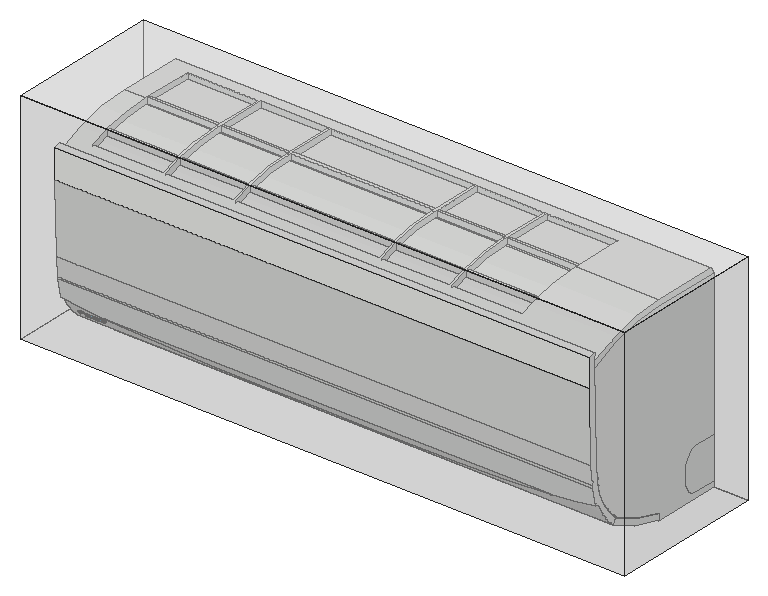
Revit family "outputfile", category 機械設備, Revit 2024
Family settings
  丸型コネクタ寸法 = 半径を使用
  パーツ タイプ = 標準
  OmniClass 番号 = 23.75.10.24.21.27.27
  OmniClass タイトル = Split System Air Conditioning Units
  作業面ベース = いいえ
  常に垂直 = はい
  ロード時にボイドで切り取り = いいえ
  注釈の向きを維持 = いいえ
  共有 = いいえ
  部屋計算ポイント = いいえ
Parameters (values of type "CTKM25RVMA")
  Description = ""
  書き出し IFC クラス(タイプ) = "IfcUnitaryEquipmentType"
  定義済み IFC タイプ(タイプ) = "AIRCONDITIONINGUNIT"
  Cost = 0
  Type Comments = ""
  Keynote = ""
  Type Image = (empty or 0)
  Assembly Code = ""
  w_wall hole = if(Width = 770.0 mm, 48.0 mm, 60.0 mm)  # 48.0 mm
  製造元 = "Daikin"
  モデル = "CTKM25RVMA"
  switch_frequency = yes
  r_Liquid Pipe Size = Liquid Pipe Size / 2  # 3.2 mm
  r_Gas Pipe Size = Gas Pipe Size / 2  # 4.75 mm
  r_Drain Pipe Size = Drain Pipe Size / 2  # 8.0 mm
  lw_powersupply [instance] = if(Width = 770.0 mm, if(or(Rear Right Connection_refrigerant, Bottom Right Connection_refrigerant), 25.0 mm, if(or(Rear Left Connection_refrigerant, Bottom Left Connection_refrigerant), 745.0 mm, 400.0 mm)), if(Width = 990.0 mm, if(or(Rear Right Connection_refrigerant, Bottom Right Connection_refrigerant), 40.0 mm, if(or(Rear Left Connection_refrigerant, Bottom Left Connection_refrigerant), 920.0 mm, 400.0 mm)), if(or(Rear Right Connection_refrigerant, Bottom Right Connection_refrigerant), 40.0 mm, if(or(Rear Left Connection_refrigerant, Bottom Left Connection_refrigerant), 920.0 mm, 400.0 mm))))  # 400.0 mm
  lw_liquidpipe [instance] = if(Width = 770.0 mm, if(or(Rear Right Connection_refrigerant, Bottom Right Connection_refrigerant), 0.0 mm, if(or(Rear Left Connection_refrigerant, Bottom Left Connection_refrigerant), 664.0 mm, 385.0 mm)), if(Width = 990.0 mm, if(or(Rear Right Connection_refrigerant, Bottom Right Connection_refrigerant), 0.0 mm, if(or(Rear Left Connection_refrigerant, Bottom Left Connection_refrigerant), 664.0 mm + (990.0 mm - 770.0 mm), 475.0 mm)), if(or(Rear Right Connection_refrigerant, Bottom Right Connection_refrigerant), 0.0 mm, if(or(Rear Left Connection_refrigerant, Bottom Left Connection_refrigerant), 664.0 mm + (990.0 mm - 770.0 mm), 475.0 mm))))  # 385.0 mm
  lw_gaspipe [instance] = if(Width = 770.0 mm, if(or(Rear Right Connection_refrigerant, Bottom Right Connection_refrigerant), 0.0 mm, if(or(Rear Left Connection_refrigerant, Bottom Left Connection_refrigerant), 675.0 mm, if(Gas Pipe Size = 12.7 mm, 345.0 mm, 335.0 mm))), if(Width = 990.0 mm, if(or(Rear Right Connection_refrigerant, Bottom Right Connection_refrigerant), 10.0 mm, if(or(Rear Left Connection_refrigerant, Bottom Left Connection_refrigerant), 890.0 mm, if(Gas Pipe Size = 15.9 mm, 410.0 mm, 400.0 mm))), if(or(Rear Right Connection_refrigerant, Bottom Right Connection_refrigerant), 10.0 mm, if(or(Rear Left Connection_refrigerant, Bottom Left Connection_refrigerant), 890.0 mm, if(Gas Pipe Size = 15.9 mm, 410.0 mm, 400.0 mm)))))  # 335.0 mm
  lw_drainpipe [instance] = if(Width = 770.0 mm, if(or(Rear Right Connection_refrigerant, Bottom Right Connection_refrigerant), 0.0 mm, if(or(Rear Left Connection_refrigerant, Bottom Left Connection_refrigerant), 770.0 mm - 48.0 mm - 48.0 mm, 440.0 mm)), if(Width = 990.0 mm, if(or(Rear Right Connection_refrigerant, Bottom Right Connection_refrigerant), 0.0 mm, if(or(Rear Left Connection_refrigerant, Bottom Left Connection_refrigerant), 675.0 mm + (990.0 mm - 770.0 mm), 435.0 mm)), if(or(Rear Right Connection_refrigerant, Bottom Right Connection_refrigerant), 0.0 mm, if(or(Rear Left Connection_refrigerant, Bottom Left Connection_refrigerant), 675.0 mm + (990.0 mm - 770.0 mm), 435.0 mm))))  # 440.0 mm
  l_powersupply_length [instance] = if(Width = 770.0 mm, if(Right Connection_refrigerant, 400.0 mm, if(Left Connection_refrigerant, 770.0 mm - 400.0 mm, if(or(Rear Left Connection_refrigerant, Rear Right Connection_refrigerant), 15.0 mm, 50.0 mm))), if(Width = 990.0 mm, if(Right Connection_refrigerant, 400.0 mm, if(Left Connection_refrigerant, 990.0 mm - 400.0 mm, if(or(Rear Left Connection_refrigerant, Rear Right Connection_refrigerant), 15.0 mm, 50.0 mm))), if(Right Connection_refrigerant, 400.0 mm, if(Left Connection_refrigerant, 990.0 mm - 400.0 mm, if(or(Rear Left Connection_refrigerant, Rear Right Connection_refrigerant), 15.0 mm, 50.0 mm)))))  # 400.0 mm
  l_liquidpipe_length [instance] = if(Width = 770.0 mm, if(Right Connection_refrigerant, 433.0 mm, if(Left Connection_refrigerant, 337.0 mm, if(or(Rear Left Connection_refrigerant, Rear Right Connection_refrigerant), 30.0 mm, 40.0 mm))), if(Width = 990.0 mm, if(Right Connection_refrigerant, 535.0 mm, if(Left Connection_refrigerant, 455.0 mm, if(or(Rear Left Connection_refrigerant, Rear Right Connection_refrigerant), 30.0 mm, 40.0 mm))), if(Right Connection_refrigerant, 535.0 mm, if(Left Connection_refrigerant, 455.0 mm, if(or(Rear Left Connection_refrigerant, Rear Right Connection_refrigerant), 30.0 mm, 40.0 mm)))))  # 433.0 mm
  l_gaspipe_length [instance] = if(Width = 770.0 mm, if(Right Connection_refrigerant, if(Gas Pipe Size = 12.7 mm, 393.0 mm, 383.0 mm), if(Left Connection_refrigerant, if(Gas Pipe Size = 12.7 mm, 770.0 mm - 393.0 mm, 770.0 mm - 383.0 mm), if(or(Rear Left Connection_refrigerant, Rear Right Connection_refrigerant), 40.0 mm, 50.0 mm))), if(Width = 990.0 mm, if(Right Connection_refrigerant, if(Gas Pipe Size = 15.9 mm, 470.0 mm, 460.0 mm), if(Left Connection_refrigerant, if(Gas Pipe Size = 15.9 mm, 990.0 mm - 470.0 mm, 990.0 mm - 460.0 mm), if(or(Rear Left Connection_refrigerant, Rear Right Connection_refrigerant), 40.0 mm, 50.0 mm))), if(Right Connection_refrigerant, if(Gas Pipe Size = 15.9 mm, 470.0 mm, 460.0 mm), if(Left Connection_refrigerant, if(Gas Pipe Size = 15.9 mm, 990.0 mm - 470.0 mm, 990.0 mm - 460.0 mm), if(or(Rear Left Connection_refrigerant, Rear Right Connection_refrigerant), 40.0 mm, 50.0 mm)))))  # 383.0 mm
  l_drainpipe_length [instance] = if(Width = 770.0 mm, if(Right Connection_refrigerant, 488.0 mm, if(Left Connection_refrigerant, 282.0 mm, if(or(Rear Left Connection_refrigerant, Rear Right Connection_refrigerant), 15.0 mm, 20.0 mm))), if(Width = 990.0 mm, if(Right Connection_refrigerant, 495.0 mm, if(Left Connection_refrigerant, 495.0 mm, if(or(Rear Left Connection_refrigerant, Rear Right Connection_refrigerant), 15.0 mm, 20.0 mm))), if(Right Connection_refrigerant, 495.0 mm, if(Left Connection_refrigerant, 495.0 mm, if(or(Rear Left Connection_refrigerant, Rear Right Connection_refrigerant), 15.0 mm, 20.0 mm)))))  # 488.0 mm
  h*** = 0.0 mm  # constant formula
  connector_voltage = Voltage_50Hz  # 230 V
  connector_powerinput = [Power Input (Cooling)]  # 0.000 kW
  connector_phase = Phase_50Hz  # 1
  angle_vertical [instance] = if(or(Bottom Left Connection_refrigerant, Bottom Right Connection_refrigerant), 0.00°, 90.00°)  # 90.00°
  angle_horizontal [instance] = if(Right Connection_refrigerant, 90.00°, if(Left Connection_refrigerant, -90.00°, if(or(Rear Left Connection_refrigerant, Rear Right Connection_refrigerant), 180.00°, 0.00°)))  # 90.00°
  Width = 770.0 mm
  Voltage_comment_50Hz = "220 - 240"
  Voltage_50Hz = 230 V
  Version = "ver.1.0"
  Unit Type = "Wall Mounted"
  Unit Mass Weight = 8.00 kg
  Unit Designation [instance] = ""
  Uniclass2015Version = "Products v1.30"
  Uniclass2015Title = "Split coil room air conditioning units"
  Uniclass2015Code = "Pr_70_65_03_86"
  URL = ""
  Total Cooling Capacity [instance] = 0.000 kW
  Sound Pressure Level_M speed (dBA) = 32
  Sound Pressure Level_L speed (dBA) = 25
  Sound Pressure Level_H speed (dBA) = 40
  Sound Power Level_H speed (dB) = 0
  Series = "Multi Split_Fan Coil Unit"
  Sensible Cooling Capacity [instance] = 0.000 kW
  Refrigerant Type = "R32"
  Power Input (Cooling) = 0.000 kW
  Phase_50Hz = 1
  Option Accessory 3 [instance] = ""
  Option Accessory 2 [instance] = ""
  Option Accessory 1 [instance] = ""
  Nominal Cooling Capacity = 2.500 kW
  Minimum Circuit Amps_50Hz = 0.0 A
  Minimum Airflow = 324.00 m³/h
  Median Airflow = 480.00 m³/h
  Maximum Fuse Amps_50Hz = 0.0 A
  Maximum Airflow = 642.00 m³/h
  Material_Casing = DAIKIN_White_Casing_indoorunit
  Load Classification = HVAC
  Liquid Pipe Size = 6.4 mm
  Link_Nested Family [instance] = ""
  IfcVersion = ""
  IfcExportType = "AIRCONDITIONINGUNIT"
  IfcExportAs = "IfcUnitaryEquipmentType"
  Height = 285.0 mm
  Heat Exchanger Type = "Cross Fin Coil"
  Gas Pipe Size = 9.5 mm
  Frequency_50Hz = 50 Hz
  Fan Type = "Cross Flow Fan"
  Fan Drive = "Direct Drive"
  FCU Tag No. [instance] = ""
  Drain Pipe Size = 16.0 mm
  Design Supply Airflow [instance] = 0.00 m³/h
  Depth = 223.0 mm
  既定の高さ = 0.0 mm
  Cooling Entering Wet Bulb Temperature [instance] = 0.00 °C
  Cooling Entering Dry Bulb Temperature [instance] = 0.00 °C
  Cooling Ambient Wet Bulb Temperature [instance] = 0.00 °C
  Cooling Ambient Dry Bulb Temperature [instance] = 0.00 °C
  Clearance visibility [instance] = yes
  Clearance Top = 30.0 mm
  Clearance Right = 50.0 mm
  Clearance Rear = 0.0 mm
  Clearance Left = 50.0 mm
  Clearance Front = 0.0 mm
  Clearance Bottom = 0.0 mm
  Bottom Right Connection_refrigerant [instance] = no
  Bottom Left Connection_refrigerant [instance] = no
  Rear Right Connection_refrigerant [instance] = no
  Rear Left Connection_refrigerant [instance] = no
  Right Connection_refrigerant [instance] = yes
  Left Connection_refrigerant [instance] = no
Reference planes
  plane 1 "Back": y = 0
  plane 2: z = 0
  plane 3 "Center (Left/Right)": x = 0
  plane 4 "Center (Front/Back)": y = -111.5
  plane 5 "Front": y = -223
  plane 6 "Left": x = -385
  plane 7 "Right": x = 385
  plane 8 "Top": z = 0
  plane 9 "Bottom": z = -285
  plane 10: x = -435
  plane 11: x = 435
  plane 12: y = 0
  plane 13: y = -223
  plane 14: z = 30
  plane 15: z = -285
  plane 16 "lw_Piping and Wiring intake": x = 337
  plane 17 "lw_gaspipe": x = 2
  plane 18 "lw_liquidpipe": x = -48
  plane 19 "lw_drainpipe": x = -103
  plane 20 "lh_drainpipe": z = -265
  plane 21 "lh_liquidpipe": z = -245
  plane 22 "lh_gaspipe": z = -235
  plane 23 "ld_drainpipe": y = -15
  plane 24 "ld_liquidpipe": y = -30
  plane 25 "ld_gaspipe": y = -40
  plane 26 "lw_powersupply": x = -15
Dimensions and locks
  equal spacing: plane 6 "Left", plane 3 "Center (Left/Right)", plane 7 "Right"
  "Width": plane 6 "Left" to plane 7 "Right"
  equal spacing: plane 5 "Front", plane 4 "Center (Front/Back)", plane 1 "Back"
  "Depth": plane 5 "Front" to plane 1 "Back"
  "Height": plane 8 "Top" to plane 9 "Bottom"
  "Clearance Rear": plane 12 to plane 1 "Back"
  "Clearance Front": plane 13 to plane 5 "Front"
  "Clearance Top": plane 14 to plane 8 "Top"
  "Clearance Bottom": plane 9 "Bottom" to plane 15
  "w_wall hole": plane 16 "lw_Piping and Wiring intake" to plane 7 "Right"
  "lw_gaspipe": plane 17 "lw_gaspipe" to plane 16 "lw_Piping and Wiring intake"
  "lw_liquidpipe": plane 18 "lw_liquidpipe" to plane 16 "lw_Piping and Wiring intake"
  "lw_drainpipe": plane 19 "lw_drainpipe" to plane 16 "lw_Piping and Wiring intake"
  locked: plane 20 "lh_drainpipe" to plane 9 "Bottom" at 20
  locked: plane 21 "lh_liquidpipe" to plane 9 "Bottom" at 40
  locked: plane 22 "lh_gaspipe" to plane 9 "Bottom" at 50
  locked: plane 23 "ld_drainpipe" to plane 1 "Back" at 15
  locked: plane 1 "Back" to plane 24 "ld_liquidpipe" at 30
  locked: plane 1 "Back" to plane 25 "ld_gaspipe" at 40
  "lw_powersupply": plane 26 "lw_powersupply" to plane 7 "Right"
  "Clearance Right": plane 7 "Right" to plane 11
  "Clearance Left": plane 10 to plane 6 "Left"
  aligned and locked: level to plane 2
  aligned and locked: plane 12 to nested 1
  aligned and locked: nested 1 to plane 13
  aligned and locked: plane 10 to nested 1
  aligned and locked: plane 11 to nested 1
  aligned and locked: plane 15 to nested 1
  aligned and locked: plane 14 to nested 1
  aligned and locked: plane 17 "lw_gaspipe" to nested 2
  aligned and locked: nested 2 to plane 25 "ld_gaspipe"
  aligned and locked: plane 18 "lw_liquidpipe" to nested 3
  aligned and locked: nested 3 to plane 24 "ld_liquidpipe"
  aligned and locked: plane 19 "lw_drainpipe" to nested 4
  aligned and locked: nested 4 to plane 23 "ld_drainpipe"
  aligned and locked: nested 5 to plane 23 "ld_drainpipe"
  aligned and locked: plane 26 "lw_powersupply" to nested 5
  aligned and locked: level to plane 8 "Top"
  aligned and locked: plane 3 "Center (Left/Right)" to nested 6
  aligned and locked: plane 1 "Back" to nested 6
  aligned and locked: plane 8 "Top" to nested 6
Nested families
  nested 1: "daikin_clearancespace" at (0, -111.5, -127.381), show <- "Clearance visibility", visible <- "Clearance visibility", Link_Nested Family <- "Link_Nested Family", type "daikin_clearancespace"
    with width 870.0 mm, show yes, height 315.0 mm, depth 223.0 mm, Link_Nested Family ""
  nested 2: "daikin_connector_rotate3" at (2, -40, -235), angle_vertical <- "angle_vertical", angle_horizontal <- "angle_horizontal", length <- "l_gaspipe_length", radius <- "r_Gas Pipe Size", type "daikin_connector_rotate3"
    with show no, radius 4.75 mm, length 383.0 mm, angle_vertical 90.00°, angle_horizontal 90.00°
  nested 3: "daikin_connector_rotate3" at (-48, -30, -245), angle_vertical <- "angle_vertical", angle_horizontal <- "angle_horizontal", radius <- "r_Liquid Pipe Size", length <- "l_liquidpipe_length", type "daikin_connector_rotate3"
    with show no, radius 3.2 mm, length 433.0 mm, angle_vertical 90.00°, angle_horizontal 90.00°
  nested 4: "daikin_connector_rotate3" at (-103, -15, -265), angle_vertical <- "angle_vertical", angle_horizontal <- "angle_horizontal", length <- "l_drainpipe_length", radius <- "r_Drain Pipe Size", type "daikin_connector_rotate3"
    with show no, radius 8.0 mm, length 488.0 mm, angle_vertical 90.00°, angle_horizontal 90.00°
  nested 5: "daikin_connector_rotate3" at (-15, -15, -235), angle_vertical <- "angle_vertical", angle_horizontal <- "angle_horizontal", length <- "l_powersupply_length", type "daikin_connector_rotate3"
    with show no, radius 10.0 mm, length 400.0 mm, angle_vertical 90.00°, angle_horizontal 90.00°
  nested 6: "DAIKIN_indoorunit_CTKM-RVMA" at (-31, 0, 0), type "CTKM-RVMA"
Connectors
  piping at (385, -40, -235), diameter 9.5, driven by "r_Gas Pipe Size"
    settings: on nested 2, index 1, connector inside diameter 609.6 mm, connector length 0.0 mm, flow factor 0, pipe flow 0.00 m³/h, pressure drop 0.0 Pa, fitting loss kfactor 0, connector angle 0.00°, fixture units 0, engagement length 0.0 mm, angle of deflection 0.00°, flow configuration 1, flow direction 2, fitting loss method 0, system type 29, joint type 0, gender type 0, connector reference index -1, connector utility 0, adjustable connector no, is connector primary yes, connector description "Refrigerant Gas Piping"
  piping at (385, -30, -245), diameter 6.4, driven by "r_Liquid Pipe Size"
    settings: on nested 3, index 2, connector inside diameter 609.6 mm, connector length 0.0 mm, flow factor 0, pipe flow 0.00 m³/h, pressure drop 0.0 Pa, fitting loss kfactor 0, connector angle 0.00°, fixture units 0, engagement length 0.0 mm, angle of deflection 0.00°, flow configuration 1, flow direction 1, fitting loss method 0, system type 29, joint type 0, gender type 0, connector reference index -1, connector utility 0, adjustable connector no, is connector primary no, connector description "Refrigerant Liquid Piping"
  piping at (385, -15, -265), diameter 16, driven by "r_Drain Pipe Size"
    settings: on nested 4, index 3, connector inside diameter 609.6 mm, connector length 0.0 mm, flow factor 0, pipe flow 0.00 m³/h, pressure drop 0.0 Pa, fitting loss kfactor 0, connector angle 0.00°, fixture units 0, engagement length 0.0 mm, angle of deflection 0.00°, flow configuration 1, flow direction 2, fitting loss method 4, system type 16, joint type 0, gender type 0, connector reference index -1, connector utility 0, adjustable connector no, is connector primary no, connector description "Condensate Drain Piping"
  electrical at (385, -15, -235), driven by "Load Classification", driven by "connector_phase", driven by "connector_powerinput", driven by "connector_voltage"
    settings: on nested 5, index 4, voltage 230 V, apparent load 0 VA, apparent load phase1 0 VA, apparent load phase2 0 VA, apparent load phase3 0 VA, power factor 1, load classification "HVAC", number of poles 1, system type 30, power factor state 1, is connector primary yes, connector utility no, sub classification motor no, connector description "Power Supply"
Definition of nested family "daikin_clearancespace"
  Parameters (values of type "daikin_clearancespace")
    Description = "daikin_clearancespace"
    width [instance] = 1823.963 mm
    show [instance] = yes
    material = none
    height [instance] = 1359.762 mm
    depth [instance] = 880.0 mm
    Default Elevation = 0.0 mm
    Link_Nested Family [instance] = ""
  Reference planes
    plane 1 "Center (Front/Back)": y = 0
    plane 2 "Center (Elevation)": z = -0.119
    plane 3 "Center (Left/Right)": x = 0
    plane 4: y = 440
    plane 5: y = -440
    plane 6 "Right": x = 911.982
    plane 7 "Left": x = -911.982
    plane 8 "Top": z = 679.762
    plane 9 "Bottom": z = -680
  Forms (mm)
    Extrusion 1, solid, material <- "material", visible <- "show"
      sketch origin (0, 0, 0) x (1, 0, 0) y (0, 1, 0)
        loop
          line (-911.982, 440) -> (-911.982, -440) -> (911.982, -440) -> (911.982, 440) -> (-911.982, 440)
      from -680 to 679.762
  Lines and regions (mm)
    symbolic lines, visible <- "show"
      curve 1: line (911.982, 440, 0) -> (-911.982, 440, 0)
      curve 2: line (-911.982, 440, 0) -> (-911.982, -440, 0)
      curve 3: line (-911.982, -440, 0) -> (911.982, -440, 0)
      curve 4: line (911.982, -440, 0) -> (911.982, 440, 0)
      curve 5: line (911.982, 0, 679.762) -> (-911.982, 0, 679.762)
      curve 6: line (911.982, 0, -680) -> (911.982, 0, 679.762)
      curve 7: line (-911.982, 0, -680) -> (911.982, 0, -680)
      curve 8: line (-911.982, 0, 679.762) -> (-911.982, 0, -680)
      curve 9: line (0, 440, 679.762) -> (0, -440, 679.762)
      curve 10: line (0, -440, 679.762) -> (0, -440, -680)
      curve 11: line (0, 440, -680) -> (0, 440, 679.762)
      curve 12: line (0, -440, -680) -> (0, 440, -680)
  Dimensions and locks
    "width": plane 7 "Left" to plane 6 "Right"
    "depth": plane 4 to plane 5
    "height": plane 8 "Top" to plane 9 "Bottom"
    equal spacing: plane 7 "Left", plane 3 "Center (Left/Right)", plane 6 "Right"
    equal spacing: plane 4, plane 1 "Center (Front/Back)", plane 5
    equal spacing: plane 8 "Top", plane 2 "Center (Elevation)", plane 9 "Bottom"
    aligned and locked: level to plane 2 "Center (Elevation)"
    aligned and locked: Extrusion 1 sketch curve to plane 4
    aligned and locked: plane 7 "Left" to Extrusion 1 sketch curve
    aligned and locked: Extrusion 1 sketch curve to plane 5
    aligned and locked: Extrusion 1 sketch curve to plane 6 "Right"
    aligned and locked: plane 8 "Top" to Extrusion 1
    aligned and locked: curve 1 to Extrusion 1
    aligned and locked: curve 2 to Extrusion 1
    aligned and locked: curve 3 to Extrusion 1
    aligned and locked: curve 4 to Extrusion 1
    aligned and locked: curve 5 to Extrusion 1
    aligned and locked: curve 6 to Extrusion 1
    aligned and locked: curve 7 to Extrusion 1
    aligned and locked: curve 8 to Extrusion 1
    aligned and locked: curve 9 to Extrusion 1
    aligned and locked: curve 10 to Extrusion 1
    aligned and locked: curve 11 to Extrusion 1
    aligned and locked: curve 12 to Extrusion 1
    aligned and locked: Extrusion 1 to plane 9 "Bottom"
Definition of nested family "DAIKIN_indoorunit_CTKM-RVMA"
  Parameters (values of type "FTKM-QVMA")
    switch_unit1_50-71 = Width = 990.0 mm  # no
    switch_unit1_20-46 = Width = 770.0 mm  # yes
    Width = 770.0 mm
    WALL HOLE-R = if(Width = 770.0 mm, 48.0 mm, 60.0 mm)  # 48.0 mm
    WALL HOLE Size = if(Width = 770.0 mm, 65.0 mm, 80.0 mm)  # 65.0 mm
    Material_Casing = none
    Height = if(Width = 770.0 mm, 285.0 mm, 295.0 mm)  # 285.0 mm
    Default Elevation = 0.0 mm
  Reference planes
    plane 1 "Center (Front/Back)": y = 0
    plane 2 "reference_level": z = 0
    plane 3 "Center (Left/Right)": x = 31
    plane 4: x = -354
    plane 5: x = 416
    plane 6: z = -285
  Forms (mm)
    Extrusion 1, solid, material <- "Material_Casing", visible <- "switch_unit1_20-46"
      sketch origin (29, 0, 0) x (0, 1, 0) y (0, 0, 1)
        loop
          line (-5, 0) -> (-98, 0)
          arc (-98, 0) -> (-157.611, -7.211) -> (-213.783, -28.427) r 250
          arc (-213.783, -28.427) -> (-213.842, -32.972) -> (-213.892, -37.516) r 2191
          arc (-213.892, -37.516) -> (-157.832, -15.495) -> (-98.07, -8) r 242
          line (-98.07, -8) -> (0, -8) -> (-5, 0)
      from -383 to 387
    Extrusion 2, solid, material <- "Material_Casing", visible <- "switch_unit1_20-46"
      sketch origin (416, 1296.25, 1200) x (0, 1, 0) y (0, 0, 1)
        loop
          line (-1472.998, -1446.91) -> (-1476.998, -1453.839)
          arc (-1476.998, -1453.839) -> (-1437.481, -1472.422) -> (-1395.25, -1483.538) r 240
          line (-1395.25, -1483.538) -> (-1395.25, -1475.422)
          arc (-1395.25, -1475.422) -> (-1435.407, -1464.663) -> (-1472.998, -1446.91) r 232
      from 0 to -47.5
    Extrusion 3, solid, material <- "Material_Casing", visible <- "switch_unit1_20-46"
      sketch origin (29, 0, 0) x (0, 1, 0) y (0, 0, 1)
        loop
          arc (-223, -60.455) -> (-222.414, -110.646) -> (-220.656, -160.81) r 2149.92
          arc (-220.656, -160.81) -> (-219.65, -174.299) -> (-217.853, -187.706) r 229.911
          arc (-217.853, -187.706) -> (-205.371, -223.594) -> (-181.517, -253.17) r 111
          line (-181.517, -253.17) -> (-177.429, -246.093)
          arc (-177.429, -246.093) -> (-198.77, -218.989) -> (-209.965, -186.36) r 103
          arc (-209.965, -186.36) -> (-211.681, -173.586) -> (-212.651, -160.735) r 221.844
          arc (-212.651, -160.735) -> (-214.739, -93.233) -> (-214.74, -25.699) r 2186.828
          arc (-214.74, -25.699) -> (-214.671, -21.467) -> (-214.594, -17.235) r 2192
          line (-214.594, -17.235) -> (-223, -19.961) -> (-223, -60.455)
      from -383 to 387
    Extrusion 4, solid, material <- "Material_Casing", visible <- "switch_unit1_20-46"
      sketch origin (29, 0, 0) x (0, 1, 0) y (0, 0, 1)
        loop
          line (-181.517, -253.17) -> (-179.597, -249.846)
          arc (-179.597, -249.846) -> (-202.009, -221.399) -> (-213.189, -186.952) r 103
          line (-213.189, -186.952) -> (-217.853, -187.706)
          arc (-217.853, -187.706) -> (-217.533, -189.556) -> (-217.182, -191.4) r 111
          arc (-217.182, -191.4) -> (-213.806, -208.181) -> (-210.362, -224.948) r 4257.809
          arc (-210.362, -224.948) -> (-198.886, -237.857) -> (-186.225, -249.607) r 180
          line (-186.225, -249.607) -> (-181.517, -253.17)
      from -383 to 387
    Extrusion 5, solid, material <- "Material_Casing", visible <- "switch_unit1_20-46"
      sketch origin (29, 0, -20) x (0, 1, 0) y (0, 0, 1)
        loop
          line (0, -265) -> (0, 12) -> (-98.07, 12)
          arc (-98.07, 12) -> (-157.832, 4.505) -> (-213.892, -17.516) r 242
          arc (-213.892, -17.516) -> (-213.638, -79.114) -> (-211.653, -140.681) r 2191
          arc (-211.653, -140.681) -> (-210.685, -153.501) -> (-208.973, -166.243) r 221
          arc (-208.973, -166.243) -> (-197.471, -199.282) -> (-175.482, -226.491) r 102
          arc (-175.482, -226.491) -> (-138.004, -244.019) -> (-98, -254.579) r 231
          line (-98, -254.579) -> (-98, -265) -> (0, -265)
      from -383 to 387
    Extrusion 6, solid, material <- "Material_Casing", visible <- "switch_unit1_20-46"
      sketch origin (-354, 1296.25, 1200) x (0, 1, 0) y (0, 0, 1)
        loop
          line (-1472.998, -1446.91) -> (-1476.998, -1453.839)
          arc (-1476.998, -1453.839) -> (-1437.481, -1472.422) -> (-1395.25, -1483.538) r 240
          line (-1395.25, -1483.538) -> (-1395.25, -1475.422)
          arc (-1395.25, -1475.422) -> (-1435.407, -1464.663) -> (-1472.998, -1446.91) r 232
      from 47 to 0
    Extrusion 7, solid, material <- "Material_Casing", visible <- "switch_unit1_20-46"
      sketch origin (416, 1296.25, 1200) x (0, 1, 0) y (0, 0, 1)
        loop
          line (-1472.998, -1446.91) -> (-1476.998, -1453.839)
          arc (-1476.998, -1453.839) -> (-1443.437, -1470.168) -> (-1407.75, -1481.097) r 240
          line (-1407.75, -1481.097) -> (-1407.75, -1472.894)
          arc (-1407.75, -1472.894) -> (-1441.363, -1462.385) -> (-1472.998, -1446.91) r 232
      from -116.993 to -48.493
    Extrusion 8, solid, material <- "Material_Casing", visible <- "switch_unit1_20-46"
      sketch origin (416, 1296.25, 1200) x (0, 1, 0) y (0, 0, 1)
        loop
          line (-1472.998, -1446.91) -> (-1476.998, -1453.839)
          arc (-1476.998, -1453.839) -> (-1443.437, -1470.168) -> (-1407.75, -1481.097) r 240
          line (-1407.75, -1481.097) -> (-1407.75, -1472.894)
          arc (-1407.75, -1472.894) -> (-1441.363, -1462.385) -> (-1472.998, -1446.91) r 232
      from -717 to -121.993
    Extrusion 9, void
      sketch origin (31, 0, -235) x (1, 0, 0) y (0, 1, 0)
        loop
          line (-252.674, -22.316) -> (-354.941, -22.316) -> (-354.941, -91.341) -> (-252.674, -91.341) -> (-252.674, -22.316)
        loop
          line (-249.341, -91.341) -> (-151.574, -91.341) -> (-151.574, -22.316) -> (-249.341, -22.316) -> (-249.341, -91.341)
        loop
          line (58.309, -22.316) -> (-148.309, -22.316) -> (-148.309, -91.341) -> (58.309, -91.341) -> (58.309, -22.316)
        loop
          line (61.689, -22.316) -> (61.689, -91.341) -> (159.457, -91.341) -> (159.457, -22.316) -> (61.689, -22.316)
        loop
          line (162.789, -22.316) -> (162.789, -91.341) -> (265.057, -91.341) -> (265.057, -22.316) -> (162.789, -22.316)
        loop
          line (-354.941, -94.659) -> (-354.941, -165.259) -> (-252.674, -165.259) -> (-252.674, -94.659) -> (-354.941, -94.659)
        loop
          line (-249.341, -94.659) -> (-249.341, -165.259) -> (-151.574, -165.259) -> (-151.574, -94.659) -> (-249.341, -94.659)
        loop
          line (-148.309, -94.659) -> (-148.309, -165.259) -> (58.309, -165.259) -> (58.309, -94.659) -> (-148.309, -94.659)
        loop
          line (61.689, -94.659) -> (61.689, -165.259) -> (159.457, -165.259) -> (159.457, -94.659) -> (61.689, -94.659)
        loop
          line (162.789, -94.659) -> (162.789, -165.259) -> (265.057, -165.259) -> (265.057, -94.659) -> (162.789, -94.659)
        loop
          line (-354.941, -167.382) -> (-354.941, -192.681) -> (-252.674, -192.681) -> (-252.674, -167.382) -> (-354.941, -167.382)
        loop
          line (-249.341, -167.382) -> (-249.341, -192.681) -> (-151.574, -192.681) -> (-151.574, -167.382) -> (-249.341, -167.382)
        loop
          line (-148.309, -167.382) -> (-148.309, -192.681) -> (58.309, -192.681) -> (58.309, -167.382) -> (-148.309, -167.382)
        loop
          line (159.457, -167.382) -> (61.689, -167.382) -> (61.689, -192.681) -> (159.457, -192.681) -> (159.457, -167.382)
        loop
          line (265.057, -167.382) -> (162.789, -167.382) -> (162.789, -192.681) -> (265.057, -192.681) -> (265.057, -167.382)
      from 201.638 to 250
    Extrusion 10, void
      sketch origin (31, 0, 0) x (1, 0, 0) y (0, 0, 1)
        loop
          arc (597, -174.907) -> (0.056, -245.263) -> (-597, -175.856) r 2585.042
          line (-597, -175.856) -> (-597, -352.872) -> (597, -352.872) -> (597, -174.907)
      from 173 to 315.3
    Extrusion 11, solid, material <- "Material_Casing"
      sketch origin (31, 0, 0) x (1, 0, 0) y (0, 0, 1)
        loop
          circle (337, -240.5) r 32.5
        loop
          circle (-337, -240.5) r 32.5
      from 0 to 5
    Extrusion 12, solid, material <- "Material_Casing", visible <- "switch_unit1_20-46"
      sketch origin (416, 1296.25, 1200) x (0, -1, 0) y (0, 0, 1)
        loop
          line (1326.25, -1417) -> (1296.25, -1417) -> (1296.25, -1477) -> (1326.25, -1477)
          arc (1326.25, -1477) -> (1340.393, -1471.142) -> (1346.25, -1457) r 20
          line (1346.25, -1457) -> (1346.25, -1437)
          arc (1346.25, -1437) -> (1340.393, -1422.858) -> (1326.25, -1417) r 20
      from 0 to 5
    Extrusion 13, solid, material <- "Material_Casing", visible <- "switch_unit1_20-46"
      sketch origin (-354, 1296.25, 1200) x (0, 1, 0) y (0, 0, 1)
        loop
          line (-1296.25, -1417) -> (-1326.25, -1417)
          arc (-1326.25, -1417) -> (-1340.393, -1422.858) -> (-1346.25, -1437) r 20
          line (-1346.25, -1437) -> (-1346.25, -1457)
          arc (-1346.25, -1457) -> (-1340.393, -1471.142) -> (-1326.25, -1477) r 20
          line (-1326.25, -1477) -> (-1296.25, -1477) -> (-1296.25, -1417)
      from 0 to 5
    Extrusion 14, solid, material <- "Material_Casing", visible <- "switch_unit1_20-46"
      sketch origin (31, 0, -285) x (-1, 0, 0) y (0, -1, 0)
        loop
          line (-314, 0) -> (-314, 30)
          arc (-314, 30) -> (-319.858, 44.142) -> (-334, 50) r 20
          line (-334, 50) -> (-354, 50)
          arc (-354, 50) -> (-368.142, 44.142) -> (-374, 30) r 20
          line (-374, 30) -> (-374, 0) -> (-314, 0)
        loop
          line (374, 0) -> (374, 30)
          arc (374, 30) -> (368.142, 44.142) -> (354, 50) r 20
          line (354, 50) -> (334, 50)
          arc (334, 50) -> (319.858, 44.142) -> (314, 30) r 20
          line (314, 30) -> (314, 0) -> (374, 0)
      from 0 to 5
    Extrusion 15, solid, material <- "Material_Casing", visible <- "switch_unit1_50-71"
      sketch origin (31, 0, 0) x (0, 1, 0) y (0, 0, 1)
        loop
          line (-5, 0) -> (-138, 0)
          arc (-138, 0) -> (-197.611, -7.211) -> (-253.783, -28.427) r 250
          arc (-253.783, -28.427) -> (-253.838, -32.687) -> (-253.886, -36.946) r 2191
          arc (-253.886, -36.946) -> (-197.73, -15.346) -> (-138.014, -8) r 246.393
          line (-138.014, -8) -> (0, -8) -> (-5, 0)
      from -495 to 495
    Extrusion 16, solid, material <- "Material_Casing", visible <- "switch_unit1_50-71"
      sketch origin (418, 1296.25, 1200) x (0, 1, 0) y (0, 0, 1)
        loop
          arc (-1515.208, -1454.149) -> (-1506.856, -1460.599) -> (-1497.925, -1466.219) r 110
          arc (-1497.925, -1466.219) -> (-1445.718, -1487.493) -> (-1389.844, -1494.995) r 223
          line (-1389.844, -1494.995) -> (-1389.844, -1486.086) -> (-1404.386, -1486.086)
          arc (-1404.386, -1486.086) -> (-1449.542, -1477.46) -> (-1491.818, -1459.402) r 214.289
          arc (-1491.818, -1459.402) -> (-1501.056, -1453.541) -> (-1509.606, -1446.715) r 101
          line (-1509.606, -1446.715) -> (-1515.208, -1454.149)
      from 108 to 57.5
    Extrusion 17, solid, material <- "Material_Casing", visible <- "switch_unit1_50-71"
      sketch origin (31, 0, 0) x (0, 1, 0) y (0, 0, 1)
        loop
          line (-263, -19.962) -> (-263, -61.6)
          arc (-263, -61.6) -> (-262.414, -110.219) -> (-260.656, -158.81) r 2017.341
          arc (-260.656, -158.81) -> (-255.648, -191.935) -> (-244.041, -223.362) r 164.725
          arc (-244.041, -223.362) -> (-233.569, -239.793) -> (-219.717, -253.495) r 87.379
          line (-219.717, -253.495) -> (-214.706, -246.846)
          arc (-214.706, -246.846) -> (-229.564, -230.029) -> (-240.385, -210.371) r 102
          arc (-240.385, -210.371) -> (-249.049, -182.962) -> (-252.848, -154.467) r 165.789
          arc (-252.848, -154.467) -> (-254.771, -90.102) -> (-254.74, -25.708) r 2122.533
          arc (-254.74, -25.708) -> (-254.671, -21.469) -> (-254.594, -17.23) r 2192
          line (-254.594, -17.23) -> (-263, -19.962)
      from -495 to 495
    Extrusion 18, void
      sketch origin (33, 0, 0) x (1, 0, 0) y (0, 1, 0)
        loop
          line (-466.909, -22.316) -> (-466.909, -111.341) -> (-366.303, -111.341) -> (-366.303, -22.316) -> (-466.909, -22.316)
        loop
          line (-362.71, -22.316) -> (-362.71, -111.341) -> (-262.103, -111.341) -> (-262.103, -22.316) -> (-362.71, -22.316)
        loop
          line (-258.51, -22.316) -> (-258.51, -111.341) -> (-157.904, -111.341) -> (-157.904, -22.316) -> (-258.51, -22.316)
        loop
          line (-154.31, -22.316) -> (-154.31, -111.341) -> (-53.704, -111.341) -> (-53.704, -22.316) -> (-154.31, -22.316)
        loop
          line (-50.11, -22.316) -> (-50.11, -111.341) -> (50.496, -111.341) -> (50.496, -22.316) -> (-50.11, -22.316)
        loop
          line (54.089, -22.316) -> (54.089, -111.341) -> (154.696, -111.341) -> (154.696, -22.316) -> (54.089, -22.316)
        loop
          line (158.289, -22.316) -> (158.289, -111.341) -> (258.895, -111.341) -> (258.895, -22.316) -> (158.289, -22.316)
        loop
          line (262.489, -22.316) -> (262.489, -111.341) -> (363.095, -111.341) -> (363.095, -22.316) -> (262.489, -22.316)
        loop
          line (-466.909, -114.459) -> (-466.909, -185.059) -> (-366.303, -185.059) -> (-366.303, -114.459) -> (-466.909, -114.459)
        loop
          line (-362.71, -114.459) -> (-362.71, -185.059) -> (-262.103, -185.059) -> (-262.103, -114.459) -> (-362.71, -114.459)
        loop
          line (-258.51, -114.459) -> (-258.51, -185.059) -> (-157.904, -185.059) -> (-157.904, -114.459) -> (-258.51, -114.459)
        loop
          line (-154.31, -114.459) -> (-154.31, -185.059) -> (-53.704, -185.059) -> (-53.704, -114.459) -> (-154.31, -114.459)
        loop
          line (-50.11, -114.459) -> (-50.11, -185.059) -> (50.496, -185.059) -> (50.496, -114.459) -> (-50.11, -114.459)
        loop
          line (54.089, -114.459) -> (54.089, -185.059) -> (154.696, -185.059) -> (154.696, -114.459) -> (54.089, -114.459)
        loop
          line (158.289, -114.459) -> (158.289, -185.059) -> (258.895, -185.059) -> (258.895, -114.459) -> (158.289, -114.459)
        loop
          line (262.489, -114.459) -> (262.489, -185.059) -> (363.095, -185.059) -> (363.095, -114.459) -> (262.489, -114.459)
        loop
          line (-466.909, -187.382) -> (-466.909, -232.681) -> (-366.303, -232.681) -> (-366.303, -187.382) -> (-466.909, -187.382)
        loop
          line (-362.71, -187.382) -> (-362.71, -232.681) -> (-262.103, -232.681) -> (-262.103, -187.382) -> (-362.71, -187.382)
        loop
          line (-258.51, -187.382) -> (-258.51, -232.681) -> (-157.904, -232.681) -> (-157.904, -187.382) -> (-258.51, -187.382)
        loop
          line (-154.31, -187.382) -> (-154.31, -232.681) -> (-53.704, -232.681) -> (-53.704, -187.382) -> (-154.31, -187.382)
        loop
          line (-50.11, -187.382) -> (-50.11, -232.681) -> (50.496, -232.681) -> (50.496, -187.382) -> (-50.11, -187.382)
        loop
          line (54.089, -187.382) -> (54.089, -232.681) -> (154.696, -232.681) -> (154.696, -187.382) -> (54.089, -187.382)
        loop
          line (158.289, -187.382) -> (158.289, -232.681) -> (258.895, -232.681) -> (258.895, -187.382) -> (158.289, -187.382)
        loop
          line (262.489, -187.382) -> (262.489, -232.681) -> (363.095, -232.681) -> (363.095, -187.382) -> (262.489, -187.382)
      from -40.013 to 47.268
    Extrusion 19, void
      sketch origin (33, 0, 2300) x (1, 0, 0) y (0, 0, 1)
        loop
          line (705, -2672.872) -> (705, -2462.4)
          arc (705, -2462.4) -> (-2.043, -2534.819) -> (-709, -2461.567) r 3467.757
          line (-709, -2461.567) -> (-709, -2672.872) -> (705, -2672.872)
      from 173 to 315.3
    Extrusion 20, solid, material <- "Material_Casing", visible <- "switch_unit1_50-71"
      sketch origin (-356, 1296.25, 1200) x (0, 1, 0) y (0, 0, -1)
        loop
          line (-1515.208, 1454.149) -> (-1509.606, 1446.715)
          arc (-1509.606, 1446.715) -> (-1501.056, 1453.541) -> (-1491.818, 1459.402) r 101
          arc (-1491.818, 1459.402) -> (-1449.542, 1477.46) -> (-1404.386, 1486.086) r 214.289
          line (-1404.386, 1486.086) -> (-1389.844, 1486.086) -> (-1389.844, 1494.995)
          arc (-1389.844, 1494.995) -> (-1445.718, 1487.493) -> (-1497.925, 1466.219) r 223
          arc (-1497.925, 1466.219) -> (-1506.856, 1460.599) -> (-1515.208, 1454.149) r 110
      from 108 to 61
    Extrusion 21, solid, material <- "Material_Casing", visible <- "switch_unit1_50-71"
      sketch origin (418, 1296.25, 1200) x (0, 1, 0) y (0, 0, 1)
        loop
          arc (-1515.208, -1454.149) -> (-1506.856, -1460.599) -> (-1497.925, -1466.219) r 110
          arc (-1497.925, -1466.219) -> (-1463.185, -1482.066) -> (-1426.25, -1491.755) r 223
          line (-1426.25, -1491.755) -> (-1426.25, -1483.166)
          arc (-1426.25, -1483.166) -> (-1460.008, -1473.969) -> (-1491.818, -1459.402) r 214.289
          arc (-1491.818, -1459.402) -> (-1501.056, -1453.541) -> (-1509.606, -1446.715) r 101
          line (-1509.606, -1446.715) -> (-1515.208, -1454.149)
      from 56.5 to -36.993
    Extrusion 22, solid, material <- "Material_Casing", visible <- "switch_unit1_50-71"
      sketch origin (418, 1296.25, 1200) x (0, 1, 0) y (0, 0, 1)
        loop
          arc (-1426.25, -1483.166) -> (-1443.442, -1479.224) -> (-1460.25, -1473.881) r 214.289
          line (-1460.25, -1473.881) -> (-1460.25, -1483.089)
          arc (-1460.25, -1483.089) -> (-1443.421, -1488.091) -> (-1426.25, -1491.755) r 223
          line (-1426.25, -1491.755) -> (-1426.25, -1483.166)
      from -43.493 to -828.893
    Extrusion 23, solid, material <- "Material_Casing", visible <- "switch_unit1_50-71"
      sketch origin (418, 1296.25, 1200) x (0, 1, 0) y (0, 0, 1)
        loop
          arc (-1515.208, -1454.149) -> (-1506.856, -1460.599) -> (-1497.925, -1466.219) r 110
          arc (-1497.925, -1466.219) -> (-1479.479, -1475.527) -> (-1460.25, -1483.089) r 223
          line (-1460.25, -1483.089) -> (-1460.25, -1473.881)
          arc (-1460.25, -1473.881) -> (-1476.328, -1467.282) -> (-1491.818, -1459.402) r 214.289
          arc (-1491.818, -1459.402) -> (-1501.056, -1453.541) -> (-1509.606, -1446.715) r 101
          line (-1509.606, -1446.715) -> (-1515.208, -1454.149)
      from -43.493 to -828.893
    Extrusion 24, solid, material <- "Material_Casing", visible <- "switch_unit1_50-71"
      sketch origin (31, 0, 0) x (0, 1, 0) y (0, 0, 1)
        loop
          arc (-217.78, -250.924) -> (-234.088, -233.307) -> (-245.826, -212.366) r 102
          arc (-245.826, -212.366) -> (-251.608, -196.062) -> (-255.659, -179.245) r 165.789
          line (-255.659, -179.245) -> (-258.299, -179.737)
          arc (-258.299, -179.737) -> (-257.524, -183.799) -> (-256.646, -187.84) r 164.725
          arc (-256.646, -187.84) -> (-252.868, -206.25) -> (-249.973, -224.82) r 393.089
          arc (-249.973, -224.82) -> (-239.237, -236.969) -> (-227.451, -248.102) r 180
          arc (-227.451, -248.102) -> (-223.723, -250.998) -> (-219.717, -253.495) r 45.878
          line (-219.717, -253.495) -> (-217.78, -250.924)
      from -495 to 495
    Extrusion 25, solid, material <- "Material_Casing", visible <- "switch_unit1_50-71"
      sketch origin (31, 0, -30) x (0, 1, 0) y (0, 0, 1)
        loop
          line (0, 22) -> (-138.014, 22)
          arc (-138.014, 22) -> (-197.73, 14.654) -> (-253.886, -6.946) r 246.393
          arc (-253.886, -6.946) -> (-253.682, -65.635) -> (-251.855, -124.295) r 2120.935
          arc (-251.855, -124.295) -> (-248.086, -152.682) -> (-239.461, -179.988) r 164.789
          arc (-239.461, -179.988) -> (-228.903, -199.231) -> (-214.437, -215.738) r 101
          line (-214.437, -215.738) -> (-212.406, -216.221)
          arc (-212.406, -216.221) -> (-204.07, -222.837) -> (-195.079, -228.53) r 100
          arc (-195.079, -228.53) -> (-145.557, -248.629) -> (-92.593, -255.785) r 213.289
          line (-92.593, -255.785) -> (-92.593, -265) -> (0, -265) -> (0, 22)
      from -495 to 495
    Extrusion 26, solid, material <- "Material_Casing", visible <- "switch_unit1_50-71"
      sketch origin (526, 1296.25, 1200) x (0, -1, 0) y (0, 0, 1)
        loop
          line (1326.25, -1427.035) -> (1296.25, -1427.035) -> (1296.25, -1487.035) -> (1326.25, -1487.035)
          arc (1326.25, -1487.035) -> (1340.393, -1481.177) -> (1346.25, -1467.035) r 20
          line (1346.25, -1467.035) -> (1346.25, -1447.035)
          arc (1346.25, -1447.035) -> (1340.393, -1432.892) -> (1326.25, -1427.035) r 20
      from 0 to 5
    Extrusion 27, solid, material <- "Material_Casing", visible <- "switch_unit1_50-71"
      sketch origin (-459, 1296.25, 1200) x (0, -1, 0) y (0, 0, 1)
        loop
          line (1326.25, -1427.035) -> (1296.25, -1427.035) -> (1296.25, -1487.035) -> (1326.25, -1487.035)
          arc (1326.25, -1487.035) -> (1340.393, -1481.177) -> (1346.25, -1467.035) r 20
          line (1346.25, -1467.035) -> (1346.25, -1447.035)
          arc (1346.25, -1447.035) -> (1340.393, -1432.892) -> (1326.25, -1427.035) r 20
      from 0 to 5
    Extrusion 28, solid, material <- "Material_Casing", visible <- "switch_unit1_50-71"
      sketch origin (31, 200, -295) x (-1, 0, 0) y (0, -1, 0)
        loop
          line (469, 200) -> (469, 230)
          arc (469, 230) -> (463.142, 244.142) -> (449, 250) r 20
          line (449, 250) -> (429, 250)
          arc (429, 250) -> (414.858, 244.142) -> (409, 230) r 20
          line (409, 230) -> (409, 200) -> (469, 200)
        loop
          line (-469, 200) -> (-409, 200) -> (-409, 230)
          arc (-409, 230) -> (-414.858, 244.142) -> (-429, 250) r 20
          line (-429, 250) -> (-449, 250)
          arc (-449, 250) -> (-463.142, 244.142) -> (-469, 230) r 20
          line (-469, 230) -> (-469, 200)
      from 0 to 5
  Cuts and joins
    Extrusion 9 cuts Extrusion 1
    Extrusion 10 cuts Extrusion 4
    joined: Extrusion 3, Extrusion 4
    Extrusion 18 cuts Extrusion 15
    Extrusion 19 cuts Extrusion 24
    joined: Extrusion 17, Extrusion 24
  Lines and regions (mm)
    reference lines
      curve 1: line (-523, -201.911, -229.404) -> (-523, -193.542, -239.977)
      curve 2: line (-523, -240.779, -229.404) -> (-523, -232.411, -239.977)
  Dimensions and locks
    locked: Extrusion 10 sketch curve to Extrusion 10 sketch curve at 1194
    Extrusion 10 sketch curve to Extrusion 10 sketch curve = 1194.0 mm
    locked: Extrusion 12 sketch curve to Extrusion 12 sketch curve at 60
    locked: Extrusion 12 sketch curve to Extrusion 12 sketch curve at 50
    locked: Extrusion 14 sketch curve to Extrusion 14 sketch curve at 60  (x2)
    locked: Extrusion 14 sketch curve to Extrusion 14 sketch curve at 50
    equal spacing: plane 5, plane 3 "Center (Left/Right)", plane 4
    "Width": plane 5 to plane 4
    locked: Extrusion 11 sketch curve to plane 4 at 48
    "WALL HOLE-R": plane 5 to Extrusion 11 sketch curve
    "Height": plane 2 "reference_level" to plane 6
    locked: Extrusion 11 sketch curve to plane 6 at 44.5  (x2)
    locked: cut or joined group of Extrusion 3, Extrusion 4, Extrusion 10 to nested 1 at 15
    locked: Extrusion 17 to nested 2 at 15
    locked: Extrusion 26 sketch curve to Extrusion 26 sketch curve at 60
    locked: Extrusion 26 sketch curve to Extrusion 26 sketch curve at 50
    locked: Extrusion 27 sketch curve to Extrusion 27 sketch curve at 60
    locked: Extrusion 27 sketch curve to Extrusion 27 sketch curve at 50
    locked: Extrusion 28 sketch curve to Extrusion 28 sketch curve at 60  (x2)
    locked: Extrusion 28 sketch curve to Extrusion 28 sketch curve at 50  (x2)
    "WALL HOLE Size": diameter of Extrusion 11 sketch curve  (x2)
    aligned and locked: level to plane 2 "reference_level"
    aligned and locked: nested 1 to curve 1
    aligned and locked: Extrusion 13 sketch curve to Extrusion 12  (x4)
    aligned and locked: Extrusion 14 sketch curve to Extrusion 14 sketch curve  (x2)
    aligned and locked: Extrusion 11 to plane 1 "Center (Front/Back)"
    aligned and locked: nested 2 to curve 2
  Automatic sketch dimensions
    Extrusion 10 sketch curve to plane 3 "Center (Left/Right)" = 597.0 mm
    Extrusion 10 sketch curve to plane 3 "Center (Left/Right)" = 2.0 mm
    Extrusion 10 sketch curve to level = 352.872 mm
    Extrusion 10 sketch curve to level = 175.856 mm
    Extrusion 10 sketch curve to level = 174.907 mm
    curve 1 to level = 239.977 mm
    plane 1 "Center (Front/Back)" to curve 1 = 193.542 mm
    curve 2 to curve 1 = 0.0 mm
    curve 2 to curve 2 = 10.573 mm
    curve 1 to curve 1 = 10.573 mm
    curve 1 to curve 1 = 8.368 mm
    curve 1 to curve 2 = 30.5 mm
    curve 2 to curve 2 = 8.368 mm
    Extrusion 19 sketch curve to plane 3 "Center (Left/Right)" = 707.0 mm
    plane 3 "Center (Left/Right)" to Extrusion 19 sketch curve = 2.0 mm
    plane 3 "Center (Left/Right)" to Extrusion 19 sketch curve = 707.0 mm
    Extrusion 19 sketch curve to level = 372.872 mm
    Extrusion 19 sketch curve to level = 162.4 mm
    Extrusion 19 sketch curve to level = 161.567 mm
    Extrusion 1 sketch curve to level = 0.0 mm
    Extrusion 1 sketch curve to plane 1 "Center (Front/Back)" = 0.0 mm
    plane 1 "Center (Front/Back)" to Extrusion 1 sketch curve = 5.0 mm
    plane 1 "Center (Front/Back)" to Extrusion 1 sketch curve = 98.0 mm
    Extrusion 1 sketch curve to Extrusion 1 sketch curve = 0.07 mm
    Extrusion 1 sketch curve to level = 59.292 mm
    Extrusion 1 sketch curve to plane 1 "Center (Front/Back)" = 1977.0 mm
    Extrusion 1 sketch curve to level = 250.0 mm
    Extrusion 1 sketch curve to Extrusion 1 sketch curve = 0.0 mm
    Extrusion 1 sketch curve to level = 8.0 mm
    Extrusion 1 sketch curve to level = 28.427 mm
    plane 1 "Center (Front/Back)" to Extrusion 2 sketch curve = 180.748 mm
    Extrusion 2 sketch curve to Extrusion 2 sketch curve = 4.0 mm
    Extrusion 2 sketch curve to Extrusion 2 sketch curve = 77.747 mm
    plane 1 "Center (Front/Back)" to Extrusion 2 sketch curve = 59.279 mm
    Extrusion 2 sketch curve to Extrusion 2 sketch curve = 0.0 mm
    Extrusion 2 sketch curve to level = 283.538 mm
    Extrusion 2 sketch curve to Extrusion 2 sketch curve = 8.116 mm
    Extrusion 2 sketch curve to Extrusion 2 sketch curve = 21.583 mm
    Extrusion 2 sketch curve to Extrusion 2 sketch curve = 6.929 mm
    Extrusion 3 sketch curve to level = 19.961 mm
    plane 1 "Center (Front/Back)" to Extrusion 3 sketch curve = 223.0 mm
    Extrusion 3 sketch curve to level = 17.235 mm
    Extrusion 3 sketch curve to Extrusion 3 sketch curve = 8.406 mm
    plane 1 "Center (Front/Back)" to Extrusion 3 sketch curve = 181.517 mm
    Extrusion 3 sketch curve to Extrusion 3 sketch curve = 4.087 mm
    Extrusion 3 sketch curve to Extrusion 3 sketch curve = 69.11 mm
    Extrusion 3 sketch curve to Extrusion 3 sketch curve = 0.001 mm
    Extrusion 3 sketch curve to plane 1 "Center (Front/Back)" = 8.955 mm
    Extrusion 3 sketch curve to Extrusion 3 sketch curve = 0.067 mm
    Extrusion 3 sketch curve to level = 60.455 mm
    Extrusion 3 sketch curve to Extrusion 3 sketch curve = 1917.898 mm
    Extrusion 3 sketch curve to Extrusion 3 sketch curve = 44.907 mm
    Extrusion 3 sketch curve to Extrusion 3 sketch curve = 5.172 mm
    Extrusion 3 sketch curve to level = 150.456 mm
    Extrusion 3 sketch curve to Extrusion 3 sketch curve = 0.006 mm
    Extrusion 3 sketch curve to Extrusion 3 sketch curve = 19.265 mm
    Extrusion 3 sketch curve to Extrusion 3 sketch curve = 0.004 mm
    Extrusion 3 sketch curve to Extrusion 3 sketch curve = 76.368 mm
    Extrusion 3 sketch curve to Extrusion 3 sketch curve = 7.077 mm
    Extrusion 3 sketch curve to Extrusion 3 sketch curve = 1.002 mm
    Extrusion 3 sketch curve to Extrusion 3 sketch curve = 0.046 mm
    Extrusion 3 sketch curve to Extrusion 3 sketch curve = 8.005 mm
    Extrusion 3 sketch curve to Extrusion 3 sketch curve = 0.147 mm
    Extrusion 3 sketch curve to Extrusion 3 sketch curve = 0.0 mm
    plane 1 "Center (Front/Back)" to Extrusion 4 sketch curve = 217.853 mm
    Extrusion 4 sketch curve to Extrusion 4 sketch curve = 4.664 mm
    Extrusion 4 sketch curve to Extrusion 4 sketch curve = 26.964 mm
    Extrusion 4 sketch curve to Extrusion 4 sketch curve = 4.708 mm
    Extrusion 4 sketch curve to Extrusion 4 sketch curve = 1.92 mm
    Extrusion 4 sketch curve to Extrusion 4 sketch curve = 68.441 mm
    Extrusion 4 sketch curve to Extrusion 4 sketch curve = 2.837 mm
    Extrusion 4 sketch curve to Extrusion 4 sketch curve = 38.066 mm
    level to Extrusion 4 sketch curve = 640.031 mm
    Extrusion 4 sketch curve to plane 1 "Center (Front/Back)" = 3958.661 mm
    Extrusion 4 sketch curve to level = 111.946 mm
    Extrusion 4 sketch curve to Extrusion 4 sketch curve = 57.779 mm
    Extrusion 4 sketch curve to Extrusion 4 sketch curve = 3.149 mm
    Extrusion 4 sketch curve to Extrusion 4 sketch curve = 14.078 mm
    Extrusion 4 sketch curve to Extrusion 4 sketch curve = 0.754 mm
    Extrusion 4 sketch curve to Extrusion 4 sketch curve = 0.239 mm
    Extrusion 4 sketch curve to Extrusion 4 sketch curve = 3.324 mm
    Extrusion 4 sketch curve to Extrusion 4 sketch curve = 0.0 mm
    Extrusion 5 sketch curve to plane 1 "Center (Front/Back)" = 0.0 mm
    plane 1 "Center (Front/Back)" to Extrusion 5 sketch curve = 59.278 mm
    Extrusion 5 sketch curve to Extrusion 5 sketch curve = 98.0 mm
    Extrusion 5 sketch curve to Extrusion 5 sketch curve = 0.0 mm  (x3)
    Extrusion 5 sketch curve to level = 8.0 mm
    Extrusion 5 sketch curve to Extrusion 5 sketch curve = 38.791 mm
    Extrusion 5 sketch curve to Extrusion 5 sketch curve = 10.249 mm
    Extrusion 5 sketch curve to plane 1 "Center (Front/Back)" = 9.11 mm
    Extrusion 5 sketch curve to level = 59.292 mm
    Extrusion 5 sketch curve to Extrusion 5 sketch curve = 1967.89 mm
    Extrusion 5 sketch curve to Extrusion 5 sketch curve = 142.454 mm
    Extrusion 5 sketch curve to Extrusion 5 sketch curve = 19.271 mm
    Extrusion 5 sketch curve to Extrusion 5 sketch curve = 80.275 mm
    Extrusion 5 sketch curve to Extrusion 5 sketch curve = 24.579 mm
    Extrusion 5 sketch curve to Extrusion 5 sketch curve = 10.421 mm
    Extrusion 5 sketch curve to level = 46.847 mm
    Extrusion 5 sketch curve to Extrusion 5 sketch curve = 77.412 mm
    Extrusion 5 sketch curve to Extrusion 5 sketch curve = 33.49 mm
    Extrusion 5 sketch curve to Extrusion 5 sketch curve = 2.68 mm
    plane 1 "Center (Front/Back)" to Extrusion 6 sketch curve = 180.748 mm
    Extrusion 6 sketch curve to Extrusion 6 sketch curve = 4.0 mm
    Extrusion 6 sketch curve to Extrusion 6 sketch curve = 77.747 mm
    plane 1 "Center (Front/Back)" to Extrusion 6 sketch curve = 59.279 mm
    Extrusion 6 sketch curve to Extrusion 6 sketch curve = 0.0 mm
    Extrusion 6 sketch curve to level = 283.538 mm
    Extrusion 6 sketch curve to Extrusion 6 sketch curve = 8.116 mm
    Extrusion 6 sketch curve to Extrusion 6 sketch curve = 21.583 mm
    Extrusion 6 sketch curve to Extrusion 6 sketch curve = 6.929 mm
    plane 1 "Center (Front/Back)" to Extrusion 7 sketch curve = 180.748 mm
    Extrusion 7 sketch curve to Extrusion 7 sketch curve = 4.0 mm
    Extrusion 7 sketch curve to Extrusion 7 sketch curve = 65.247 mm
    plane 1 "Center (Front/Back)" to Extrusion 7 sketch curve = 59.279 mm
    Extrusion 7 sketch curve to Extrusion 7 sketch curve = 0.0 mm
    Extrusion 7 sketch curve to level = 281.097 mm
    Extrusion 7 sketch curve to Extrusion 7 sketch curve = 8.203 mm
    Extrusion 7 sketch curve to Extrusion 7 sketch curve = 19.055 mm
    Extrusion 7 sketch curve to Extrusion 7 sketch curve = 6.929 mm
    plane 1 "Center (Front/Back)" to Extrusion 8 sketch curve = 180.748 mm
    Extrusion 8 sketch curve to Extrusion 8 sketch curve = 4.0 mm
    Extrusion 8 sketch curve to Extrusion 8 sketch curve = 65.247 mm
    plane 1 "Center (Front/Back)" to Extrusion 8 sketch curve = 59.279 mm
    Extrusion 8 sketch curve to Extrusion 8 sketch curve = 0.0 mm
    Extrusion 8 sketch curve to level = 281.097 mm
    Extrusion 8 sketch curve to Extrusion 8 sketch curve = 8.203 mm
    Extrusion 8 sketch curve to Extrusion 8 sketch curve = 19.055 mm
    Extrusion 8 sketch curve to Extrusion 8 sketch curve = 6.929 mm
    plane 1 "Center (Front/Back)" to Extrusion 9 sketch curve = 165.259 mm  (x2)
    Extrusion 9 sketch curve to plane 3 "Center (Left/Right)" = 354.941 mm
    plane 1 "Center (Front/Back)" to Extrusion 9 sketch curve = 22.316 mm  (x3)
    Extrusion 9 sketch curve to Extrusion 9 sketch curve = 0.0 mm  (x26)
    Extrusion 9 sketch curve to Extrusion 9 sketch curve = 102.268 mm  (x2)
    Extrusion 9 sketch curve to Extrusion 9 sketch curve = 3.332 mm  (x4)
    Extrusion 9 sketch curve to Extrusion 9 sketch curve = 97.768 mm  (x2)
    Extrusion 9 sketch curve to Extrusion 9 sketch curve = 3.264 mm  (x3)
    plane 3 "Center (Left/Right)" to Extrusion 9 sketch curve = 58.309 mm
    Extrusion 9 sketch curve to Extrusion 9 sketch curve = 3.38 mm  (x3)
    Extrusion 9 sketch curve to Extrusion 9 sketch curve = 2.124 mm  (x6)
    Extrusion 9 sketch curve to Extrusion 9 sketch curve = 25.299 mm  (x2)
    Extrusion 9 sketch curve to Extrusion 9 sketch curve = 70.6 mm
    Extrusion 9 sketch curve to Extrusion 9 sketch curve = 3.317 mm  (x4)
    Extrusion 12 sketch curve to plane 1 "Center (Front/Back)" = 0.0 mm
    Extrusion 12 sketch curve to Extrusion 12 sketch curve = 20.0 mm  (x2)
    Extrusion 12 sketch curve to level = 277.0 mm
    plane 1 "Center (Front/Back)" to Extrusion 14 sketch curve = 0.0 mm
    plane 3 "Center (Left/Right)" to Extrusion 14 sketch curve = 374.0 mm
    Extrusion 14 sketch curve to Extrusion 14 sketch curve = 20.0 mm  (x3)
    plane 1 "Center (Front/Back)" to Extrusion 14 sketch curve = 30.0 mm
    Extrusion 14 sketch curve to plane 3 "Center (Left/Right)" = 314.0 mm
    Extrusion 15 sketch curve to level = 0.0 mm
    Extrusion 15 sketch curve to plane 1 "Center (Front/Back)" = 0.0 mm
    plane 1 "Center (Front/Back)" to Extrusion 15 sketch curve = 5.0 mm
    Extrusion 15 sketch curve to Extrusion 15 sketch curve = 133.0 mm
    Extrusion 15 sketch curve to Extrusion 15 sketch curve = 0.013 mm
    Extrusion 15 sketch curve to level = 59.292 mm
    Extrusion 15 sketch curve to plane 1 "Center (Front/Back)" = 1937.0 mm
    Extrusion 15 sketch curve to Extrusion 15 sketch curve = 250.0 mm
    Extrusion 15 sketch curve to Extrusion 15 sketch curve = 4.393 mm
    Extrusion 15 sketch curve to level = 8.0 mm
    Extrusion 15 sketch curve to level = 28.427 mm
    plane 1 "Center (Front/Back)" to Extrusion 16 sketch curve = 218.957 mm
    Extrusion 16 sketch curve to Extrusion 16 sketch curve = 5.601 mm
    Extrusion 16 sketch curve to Extrusion 16 sketch curve = 65.735 mm
    Extrusion 16 sketch curve to Extrusion 16 sketch curve = 1.462 mm
    plane 1 "Center (Front/Back)" to Extrusion 16 sketch curve = 108.136 mm
    Extrusion 16 sketch curve to Extrusion 16 sketch curve = 14.543 mm
    plane 1 "Center (Front/Back)" to Extrusion 16 sketch curve = 92.093 mm
    Extrusion 16 sketch curve to Extrusion 16 sketch curve = 1.354 mm
    Extrusion 16 sketch curve to level = 294.995 mm
    Extrusion 16 sketch curve to Extrusion 16 sketch curve = 8.909 mm
    Extrusion 16 sketch curve to Extrusion 16 sketch curve = 31.937 mm
    Extrusion 16 sketch curve to Extrusion 16 sketch curve = 7.433 mm
    Extrusion 16 sketch curve to Extrusion 16 sketch curve = 75.403 mm
    Extrusion 16 sketch curve to Extrusion 16 sketch curve = 0.896 mm
    Extrusion 16 sketch curve to level = 72.504 mm
    Extrusion 16 sketch curve to Extrusion 16 sketch curve = 0.504 mm
    Extrusion 17 sketch curve to level = 19.962 mm
    plane 1 "Center (Front/Back)" to Extrusion 17 sketch curve = 263.0 mm
    Extrusion 17 sketch curve to level = 17.23 mm
    Extrusion 17 sketch curve to Extrusion 17 sketch curve = 8.406 mm
    Extrusion 17 sketch curve to Extrusion 17 sketch curve = 43.283 mm
    Extrusion 17 sketch curve to Extrusion 17 sketch curve = 5.011 mm
    Extrusion 17 sketch curve to Extrusion 17 sketch curve = 49.129 mm
    Extrusion 17 sketch curve to Extrusion 17 sketch curve = 19.417 mm
    Extrusion 17 sketch curve to Extrusion 17 sketch curve = 50.037 mm
    Extrusion 17 sketch curve to Extrusion 17 sketch curve = 8.89 mm
    Extrusion 17 sketch curve to level = 61.6 mm
    Extrusion 17 sketch curve to plane 1 "Center (Front/Back)" = 1754.341 mm
    Extrusion 17 sketch curve to level = 58.909 mm
    Extrusion 17 sketch curve to Extrusion 17 sketch curve = 113.192 mm
    Extrusion 17 sketch curve to Extrusion 17 sketch curve = 69.467 mm
    Extrusion 17 sketch curve to level = 146.886 mm
    Extrusion 17 sketch curve to Extrusion 17 sketch curve = 3.987 mm
    Extrusion 17 sketch curve to Extrusion 17 sketch curve = 20.44 mm
    Extrusion 17 sketch curve to Extrusion 17 sketch curve = 13.597 mm
    Extrusion 17 sketch curve to Extrusion 17 sketch curve = 61.936 mm
    Extrusion 17 sketch curve to Extrusion 17 sketch curve = 6.649 mm
    Extrusion 17 sketch curve to level = 59.438 mm
    Extrusion 17 sketch curve to Extrusion 17 sketch curve = 0.0 mm
    Extrusion 17 sketch curve to Extrusion 17 sketch curve = 0.147 mm
    Extrusion 17 sketch curve to Extrusion 17 sketch curve = 7.808 mm
    plane 1 "Center (Front/Back)" to Extrusion 18 sketch curve = 22.316 mm  (x6)
    Extrusion 18 sketch curve to plane 3 "Center (Left/Right)" = 464.909 mm
    Extrusion 18 sketch curve to Extrusion 18 sketch curve = 0.0 mm  (x27)
    Extrusion 18 sketch curve to Extrusion 18 sketch curve = 100.606 mm  (x7)
    Extrusion 18 sketch curve to Extrusion 18 sketch curve = 3.594 mm  (x16)
    Extrusion 18 sketch curve to plane 3 "Center (Left/Right)" = 51.704 mm
    plane 3 "Center (Left/Right)" to Extrusion 18 sketch curve = 52.496 mm  (x2)
    Extrusion 18 sketch curve to Extrusion 18 sketch curve = 89.026 mm  (x6)
    Extrusion 18 sketch curve to Extrusion 18 sketch curve = 3.117 mm  (x8)
    Extrusion 18 sketch curve to Extrusion 18 sketch curve = 70.6 mm  (x7)
    Extrusion 18 sketch curve to Extrusion 18 sketch curve = 2.324 mm  (x8)
    Extrusion 18 sketch curve to Extrusion 18 sketch curve = 45.299 mm  (x7)
    plane 1 "Center (Front/Back)" to Extrusion 20 sketch curve = 218.957 mm
    Extrusion 20 sketch curve to Extrusion 20 sketch curve = 5.601 mm
    Extrusion 20 sketch curve to Extrusion 20 sketch curve = 65.735 mm
    Extrusion 20 sketch curve to Extrusion 20 sketch curve = 1.462 mm
    plane 1 "Center (Front/Back)" to Extrusion 20 sketch curve = 108.136 mm
    Extrusion 20 sketch curve to Extrusion 20 sketch curve = 14.543 mm
    plane 1 "Center (Front/Back)" to Extrusion 20 sketch curve = 92.093 mm
    Extrusion 20 sketch curve to Extrusion 20 sketch curve = 1.354 mm
    Extrusion 20 sketch curve to level = 72.0 mm
    Extrusion 20 sketch curve to Extrusion 20 sketch curve = 0.504 mm
    Extrusion 20 sketch curve to Extrusion 20 sketch curve = 98.416 mm
